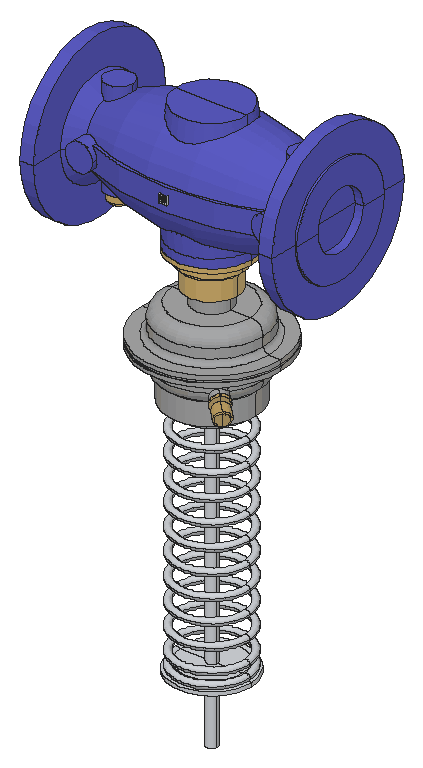
Revit family "Differenzdruckregler F_4007_10-40kPa", category Rohrzubehör, Revit 2019
Family settings
  Bemaßung runder Anschluss = Durchmesser verwenden
  Teiletyp = Unterbricht
  OmniClass-Nummer = 23.65.55.14
  OmniClass-Titel = Valves for Liquid Services
  Arbeitsebenenbasiert = Nein
  Immer vertikal = Ja
  Beim Laden mit Abzugskörper schneiden = Nein
  Gemeinsam genutzt = Nein
Parameters
  Min. Betriebstemperatur (Frostschutz) = -10 °C  # constant formula
  Min. Betriebstemperatur = 2 °C  # constant formula
  Max. Betriebsdruck = 1600000.0 Pa  # constant formula
  Max. Betriebstemperatur = 110 °C  # constant formula
  URL = "www.herz-armaturen.at"
  Sollwertfeder = "EN 10270-1-SH"  # constant formula
  SCRNSEQ = "ARM;ARM_TYP=\"DIFR\";2"
  SCRNCODE = "05;03;02"  # constant formula
  S02 [instance] = H03 + H13  # 134 mm
  S01 [instance] = (2 * H02) + (2 * H04) + H05  # 72.7 mm
  R99 = 14 mm  # constant formula
  R98 = 6 mm  # constant formula
  R97 = 2 mm  # constant formula
  R02 = 15.5 mm  # constant formula
  R01 [instance] = size_lookup("4007_F_10-40", "R1", 45.5 mm, Nennweite)  # 55.5 mm
  R00 [instance] = size_lookup("4007_F_10-40", "R", 53 mm, Nennweite)  # 65 mm
  Nennweite [instance] = 65 mm
  Membrane und O-Ringe = "EPDM"  # constant formula
  Medium = "Die Verwendung von Ethylen- und Propylenglykol ist im Mischungsverhältnis 25 - 50 % zulässig. Heizwasserqualität entsprechend ÖNORM H 5195 bzw. VDI-Richtlinie 2035"
  L05 [instance] = L04 - 6.3 mm  # 104.7 mm
  L04 [instance] = size_lookup("4007_F_10-40", "L4", 81 mm, Nennweite)  # 111 mm
  L03 = 10 mm  # constant formula
  L02 [instance] = size_lookup("4007_F_10-40", "L2", 15 mm, Nennweite)  # 15 mm
  L01 = 3 mm  # constant formula
  L00 [instance] = size_lookup("4007_F_10-40", "L", 115 mm, Nennweite)  # 145 mm
  Hersteller = "HERZ Armaturen Ges.m.b.H."  # constant formula
  H19 [instance] = size_lookup("4007_F_10-40", "H19", 9 mm, Nennweite)  # 581 mm
  H18 [instance] = H19 - 75 mm  # 506 mm
  H17 = 6 mm  # constant formula
  H16 = 10 mm  # constant formula
  H15 = 24.5 mm  # constant formula
  H14 = 5 mm  # constant formula
  H13 = 17 mm  # constant formula
  H12 [instance] = R00 + 4 mm  # 69 mm
  H11 [instance] = R00 + 10 mm  # 75 mm
  H10 = 5 mm  # constant formula
  H09 [instance] = size_lookup("4007_F_10-40", "H9", 9 mm, Nennweite)  # 9 mm
  H08 = 21 mm  # constant formula
  H07 [instance] = R00 + 23.4 mm  # 88.4 mm
  H06 [instance] = D12 + 15 mm  # 55.5 mm
  H05 = 2.5 mm  # constant formula
  H04 = 4.6 mm  # constant formula
  H03 [instance] = H08 + H09 + H10 + H11 + H14 + R97  # 117 mm
  H02 [instance] = size_lookup("4007_F_10-40", "H2", 30.5 mm, Nennweite)  # 30.5 mm
  H01 [instance] = size_lookup("4007_F_10-40", "H1", 210 mm, Nennweite)  # 205 mm
  Gehäuse = "Grauguss GJL250 nach EN 1561"  # constant formula
  Differenzdruck Einstellbereich = "10-40 kPa"  # constant formula
  DN80 [instance] = Nennweite = 80 mm  # no
  DN65 [instance] = Nennweite = 65 mm  # yes
  DN100 [instance] = Nennweite = 100 mm  # no
  D17 = 6 mm  # constant formula
  D16 = 45 mm  # constant formula
  D15 = 35 mm  # constant formula
  D14 = 50 mm  # constant formula
  D13 [instance] = D11 + 10 mm  # 50 mm
  D12 [instance] = R01 - 15 mm  # 40.5 mm
  D11 [instance] = size_lookup("4007_F_10-40", "D11", 40 mm, Nennweite)  # 40 mm
  D10 [instance] = D11 + 5 mm  # 45 mm
  D09 [instance] = D11 - 5 mm  # 35 mm
  D08 = 24 mm  # constant formula
  D07 = 29.5 mm  # constant formula
  D06 [instance] = size_lookup("4007_F_10-40", "D6", 51 mm, Nennweite)  # 57.8 mm
  D05 [instance] = D04 - 1 mm  # 77 mm
  D04 [instance] = size_lookup("4007_F_10-40", "D4", 51 mm, Nennweite)  # 78 mm
  D03 = 21 mm  # constant formula
  D02 [instance] = Nennweite / 2  # 32.5 mm
  D01 [instance] = size_lookup("4007_F_10-40", "D1", 51 mm, Nennweite)  # 61 mm
  D00 [instance] = size_lookup("4007_F_10-40", "D", 82.5 mm, Nennweite)  # 92.5 mm
  Bestellnummer [instance] = if(Nennweite = 65 mm, "F400707", if(Nennweite = 80 mm, "F400708", if(Nennweite = 100 mm, "F400709", "0")))  # "F400707"
  Ausführung = "Der Differenzdruckregler ist ein Proportionalregler in Geradsitzausführung und arbeitet ohne Hilfsenergie für Zweirohranlagen. Der gewünschte Differenzdruck- Sollwert kann zwischen 10 und 40 kPa stufenlos eingestellt werden."
  Anwendung = "Für Heizungs- und Kühlanlagen um den Differenzdruck innerhalb des regeltechnischen Bereiches konstant zu halten."
  Anschlussflansch = "EN 1092-2"  # constant formula
Reference planes
  plane 1 "Mitte (Vorne/hinten)": y = 0
  plane 2: z = -0.015
  plane 3 "Mitte (Links/rechts)": x = 0
Forms (mm)
  Revolve 1, solid, material "Herz-Marineblau", detail levels fine
    sketch origin (1065, 0, 0) x (1, 0, 0) y (0, 1, 0)
      loop
        line (-1207, 92.5) -> (-1207, 61) -> (-1210, 61) -> (-1210, 32.5) -> (-1200, 32.5) -> (-1200, 0) -> (-930, 0) -> (-930, 32.5) -> (-920, 32.5) -> (-920, 61) -> (-923, 61) -> (-923, 92.5) -> (-938, 92.5) -> (-938, 55.5) -> (-954, 40.5)
        arc (-954, 40.5) -> (-1065, 65) -> (-1176, 40.5) r 263.699
        line (-1176, 40.5) -> (-1192, 55.5) -> (-1192, 92.5) -> (-1207, 92.5)
      axis (-1210, 0) -> (-920, 0)
    angle from 0 to 360
  Extrusion 2, solid, material "Herz-Marineblau", detail levels fine
    sketch origin (0, 0, 0) x (1, 0, 0) y (0, 1, 0)
      loop
        circle (-104.7, 0) r 15.5
      loop
        circle (104.7, 0) r 15.5
    from -55.515 to 55.485
  Extrusion 3, solid, material "Herz-Marineblau", detail levels fine
    sketch origin (0, 0, 0) x (-1, 0, 0) y (0, 0, -1)
      loop
        circle (104.7, 0) r 15.5
      loop
        circle (-104.7, 0) r 15.5
    from -55.5 to 55.5
  Revolve 4, solid, material "Herz-Marineblau", detail levels fine
    sketch origin (92.737, 0, -45.97) x (1, 0, 0) y (0, 0, 1)
      loop
        line (-92.737, 114.955) -> (-92.737, -29.045) -> (-47.737, -29.045) -> (-47.737, -19.045) -> (-42.737, 45.97) -> (-52.737, 114.955) -> (-92.737, 114.955)
      axis (-92.737, 114.955) -> (-92.737, -29.045)
    angle from 0 to 360
  Revolve 5, solid, material "Messing", detail levels fine
    sketch origin (446.725, 0, 35.707) x (1, 0, 0) y (0, 0, 1)
      loop
        line (-446.725, -110.722) -> (-446.725, -152.722) -> (-417.225, -152.722) -> (-417.225, -131.722) -> (-422.725, -131.722) -> (-422.725, -126.722) -> (-411.725, -126.722) -> (-411.725, -117.722)
        arc (-411.725, -117.722) -> (-411.14, -116.308) -> (-409.725, -115.722) r 2
        line (-409.725, -115.722) -> (-401.725, -115.722) -> (-401.725, -110.722) -> (-446.725, -110.722)
      axis (-446.725, -152.722) -> (-446.725, -110.722)
    angle from 0 to 360
  Revolve 6, solid, material "Aluminium", detail levels fine
    sketch origin (925.114, 0, 19.41) x (1, 0, 0) y (0, 0, 1)
      loop
        line (-925.114, -136.425) -> (-925.114, -250.625) -> (-875.114, -250.625) -> (-875.114, -226.125) -> (-881.314, -226.125)
        arc (-881.314, -226.125) -> (-871.414, -222.025) -> (-867.314, -212.125) r 14
        line (-867.314, -212.125) -> (-867.314, -201.625)
        arc (-867.314, -201.625) -> (-865.556, -197.383) -> (-861.314, -195.625) r 6
        line (-861.314, -195.625) -> (-847.114, -195.625) -> (-847.114, -191.025) -> (-848.114, -191.025) -> (-848.114, -188.525) -> (-847.114, -188.525) -> (-847.114, -183.925) -> (-861.314, -183.925)
        arc (-861.314, -183.925) -> (-865.556, -182.168) -> (-867.314, -177.925) r 6
        line (-867.314, -177.925) -> (-867.314, -167.425)
        arc (-867.314, -167.425) -> (-871.414, -157.526) -> (-881.314, -153.425) r 14
        line (-881.314, -153.425) -> (-904.114, -153.425) -> (-904.114, -136.425) -> (-925.114, -136.425)
      axis (-925.114, -136.425) -> (-925.114, -250.625)
    angle from 0 to 360
  Extrusion 7, solid, material "Herz-Marineblau", visible <- "DN65", detail levels fine
    sketch origin (0, 0, 0) x (1, 0, 0) y (0, 1, 0)
      loop
        arc (-104.7, -46.589) -> (0, -68) -> (104.7, -46.589) r 266.699
        line (104.7, -46.589) -> (104.7, 46.589)
        arc (104.7, 46.589) -> (0, 68) -> (-104.7, 46.589) r 266.699
        line (-104.7, 46.589) -> (-104.7, -46.589)
    from -12.5 to 12.5
  Extrusion 8, solid, material "Herz-Marineblau", visible <- "DN80", detail levels fine
    sketch origin (0, 0, 0) x (1, 0, 0) y (0, 1, 0)
      loop
        arc (-114.7, -54.973) -> (0, -74) -> (114.7, -54.973) r 355.238
        line (114.7, -54.973) -> (114.7, 54.973)
        arc (114.7, 54.973) -> (0, 74) -> (-114.7, 54.973) r 355.238
        line (-114.7, 54.973) -> (-114.7, -54.973)
    from -12.5 to 12.5
  Extrusion 9, solid, material "Herz-Marineblau", visible <- "DN100", detail levels fine
    sketch origin (0, 0, 0) x (1, 0, 0) y (0, 1, 0)
      loop
        arc (-134.7, -65.632) -> (0, -85) -> (134.7, -65.632) r 478.099
        line (134.7, -65.632) -> (134.7, 65.632)
        arc (134.7, 65.632) -> (0, 85) -> (-134.7, 65.632) r 478.099
        line (-134.7, 65.632) -> (-134.7, -65.632)
    from -12.5 to 12.5
  Revolve 10, solid, detail levels fine
    sketch origin (0, 0, 0) x (1, 0, 0) y (0, 0, 1)
      loop
        line (0, -506.015) -> (45, -506.015) -> (45, -502.015) -> (35, -502.015) -> (35, -496.015) -> (0, -496.015) -> (0, -506.015)
      axis (0, -496.015) -> (0, -506.015)
    angle from 0 to 360
  Revolve 11, solid, detail levels fine
    sketch origin (0, 0, 0) x (1, 0, 0) y (0, 0, 1)
      loop
        line (0, -219.215) -> (0, -581.015) -> (6, -581.015) -> (6, -219.215) -> (0, -219.215)
      axis (0, -219.215) -> (0, -581.015)
    angle from 0 to 360
  Sweep 12, solid, visible <- "DN65", detail levels fine
    path in 3D
      loop
        arc (-39, 0, -234.715) -> (0, -39, -234.715) -> (39, 0, -234.715) r 39
        arc (39, 0, -234.715) -> (0, 39, -234.715) -> (-39, 0, -234.715) r 39
    profile origin (0, 39, -234.715) x (0, -1, 0) y (0, 0, 1)
      loop
        circle (0, 0) r 3.5
  Sweep 13, solid, visible <- "DN65", detail levels fine
    path in 3D
      loop
        arc (-39, 0, -259.715) -> (0, -39, -259.715) -> (39, 0, -259.715) r 39
        arc (39, 0, -259.715) -> (0, 39, -259.715) -> (-39, 0, -259.715) r 39
    profile origin (0, 39, -259.715) x (0, -1, 0) y (0, 0, 1)
      loop
        circle (0, 0) r 3.5
  Sweep 14, solid, visible <- "DN65", detail levels fine
    path in 3D
      loop
        arc (-39, 0, -284.715) -> (0, -39, -284.715) -> (39, 0, -284.715) r 39
        arc (39, 0, -284.715) -> (0, 39, -284.715) -> (-39, 0, -284.715) r 39
    profile origin (0, 39, -284.715) x (0, -1, 0) y (0, 0, 1)
      loop
        circle (0, 0) r 3.5
  Sweep 15, solid, visible <- "DN65", detail levels fine
    path in 3D
      loop
        arc (-39, 0, -309.715) -> (0, -39, -309.715) -> (39, 0, -309.715) r 39
        arc (39, 0, -309.715) -> (0, 39, -309.715) -> (-39, 0, -309.715) r 39
    profile origin (0, 39, -309.715) x (0, -1, 0) y (0, 0, 1)
      loop
        circle (0, 0) r 3.5
  Sweep 16, solid, visible <- "DN65", detail levels fine
    path in 3D
      loop
        arc (-39, 0, -334.715) -> (0, -39, -334.715) -> (39, 0, -334.715) r 39
        arc (39, 0, -334.715) -> (0, 39, -334.715) -> (-39, 0, -334.715) r 39
    profile origin (0, 39, -334.715) x (0, -1, 0) y (0, 0, 1)
      loop
        circle (0, 0) r 3.5
  Sweep 17, solid, visible <- "DN65", detail levels fine
    path in 3D
      loop
        arc (-39, 0, -359.715) -> (0, -39, -359.715) -> (39, 0, -359.715) r 39
        arc (39, 0, -359.715) -> (0, 39, -359.715) -> (-39, 0, -359.715) r 39
    profile origin (0, 39, -359.715) x (0, -1, 0) y (0, 0, 1)
      loop
        circle (0, 0) r 3.5
  Sweep 18, solid, visible <- "DN65", detail levels fine
    path in 3D
      loop
        arc (-39, 0, -384.715) -> (0, -39, -384.715) -> (39, 0, -384.715) r 39
        arc (39, 0, -384.715) -> (0, 39, -384.715) -> (-39, 0, -384.715) r 39
    profile origin (0, 39, -384.715) x (0, -1, 0) y (0, 0, 1)
      loop
        circle (0, 0) r 3.5
  Sweep 19, solid, visible <- "DN65", detail levels fine
    path in 3D
      loop
        arc (-39, 0, -409.715) -> (0, -39, -409.715) -> (39, 0, -409.715) r 39
        arc (39, 0, -409.715) -> (0, 39, -409.715) -> (-39, 0, -409.715) r 39
    profile origin (0, 39, -409.715) x (0, -1, 0) y (0, 0, 1)
      loop
        circle (0, 0) r 3.5
  Sweep 20, solid, visible <- "DN65", detail levels fine
    path in 3D
      loop
        arc (-39, 0, -434.715) -> (0, -39, -434.715) -> (39, 0, -434.715) r 39
        arc (39, 0, -434.715) -> (0, 39, -434.715) -> (-39, 0, -434.715) r 39
    profile origin (0, 39, -434.715) x (0, -1, 0) y (0, 0, 1)
      loop
        circle (0, 0) r 3.5
  Sweep 21, solid, visible <- "DN65", detail levels fine
    path in 3D
      loop
        arc (-39, 0, -459.715) -> (0, -39, -459.715) -> (39, 0, -459.715) r 39
        arc (39, 0, -459.715) -> (0, 39, -459.715) -> (-39, 0, -459.715) r 39
    profile origin (0, 39, -459.715) x (0, -1, 0) y (0, 0, 1)
      loop
        circle (0, 0) r 3.5
  Sweep 22, solid, visible <- "DN65", detail levels fine
    path in 3D
      loop
        arc (-39, 0, -484.715) -> (0, -39, -484.715) -> (39, 0, -484.715) r 39
        arc (39, 0, -484.715) -> (0, 39, -484.715) -> (-39, 0, -484.715) r 39
    profile origin (0, 39, -484.715) x (0, -1, 0) y (0, 0, 1)
      loop
        circle (0, 0) r 3.5
  Sweep 23, solid, visible <- "DN65", detail levels fine
    path in 3D
      loop
        arc (-39, 0, -498.715) -> (0, -39, -498.715) -> (39, 0, -498.715) r 39
        arc (39, 0, -498.715) -> (0, 39, -498.715) -> (-39, 0, -498.715) r 39
    profile origin (0, 39, -498.715) x (0, -1, 0) y (0, 0, 1)
      loop
        circle (0, 0) r 3.5
  Sweep 24, solid, visible <- "DN80", detail levels fine
    path in 3D
      loop
        arc (-39, 0, -241.715) -> (0, -39, -241.715) -> (39, 0, -241.715) r 39
        arc (39, 0, -241.715) -> (0, 39, -241.715) -> (-39, 0, -241.715) r 39
    profile origin (0, 39, -241.715) x (0, -1, 0) y (0, 0, 1)
      loop
        circle (0, 0) r 3.5
  Sweep 25, solid, visible <- "DN80", detail levels fine
    path in 3D
      loop
        arc (-39, 0, -266.715) -> (0, -39, -266.715) -> (39, 0, -266.715) r 39
        arc (39, 0, -266.715) -> (0, 39, -266.715) -> (-39, 0, -266.715) r 39
    profile origin (0, 39, -266.715) x (0, -1, 0) y (0, 0, 1)
      loop
        circle (0, 0) r 3.5
  Sweep 26, solid, visible <- "DN80", detail levels fine
    path in 3D
      loop
        arc (-39, 0, -291.715) -> (0, -39, -291.715) -> (39, 0, -291.715) r 39
        arc (39, 0, -291.715) -> (0, 39, -291.715) -> (-39, 0, -291.715) r 39
    profile origin (0, 39, -291.715) x (0, -1, 0) y (0, 0, 1)
      loop
        circle (0, 0) r 3.5
  Sweep 27, solid, visible <- "DN80", detail levels fine
    path in 3D
      loop
        arc (-39, 0, -316.715) -> (0, -39, -316.715) -> (39, 0, -316.715) r 39
        arc (39, 0, -316.715) -> (0, 39, -316.715) -> (-39, 0, -316.715) r 39
    profile origin (0, 39, -316.715) x (0, -1, 0) y (0, 0, 1)
      loop
        circle (0, 0) r 3.5
  Sweep 28, solid, visible <- "DN80", detail levels fine
    path in 3D
      loop
        arc (-39, 0, -341.715) -> (0, -39, -341.715) -> (39, 0, -341.715) r 39
        arc (39, 0, -341.715) -> (0, 39, -341.715) -> (-39, 0, -341.715) r 39
    profile origin (0, 39, -341.715) x (0, -1, 0) y (0, 0, 1)
      loop
        circle (0, 0) r 3.5
  Sweep 29, solid, visible <- "DN80", detail levels fine
    path in 3D
      loop
        arc (-39, 0, -366.715) -> (0, -39, -366.715) -> (39, 0, -366.715) r 39
        arc (39, 0, -366.715) -> (0, 39, -366.715) -> (-39, 0, -366.715) r 39
    profile origin (0, 39, -366.715) x (0, -1, 0) y (0, 0, 1)
      loop
        circle (0, 0) r 3.5
  Sweep 30, solid, visible <- "DN80", detail levels fine
    path in 3D
      loop
        arc (-39, 0, -391.715) -> (0, -39, -391.715) -> (39, 0, -391.715) r 39
        arc (39, 0, -391.715) -> (0, 39, -391.715) -> (-39, 0, -391.715) r 39
    profile origin (0, 39, -391.715) x (0, -1, 0) y (0, 0, 1)
      loop
        circle (0, 0) r 3.5
  Sweep 31, solid, visible <- "DN80", detail levels fine
    path in 3D
      loop
        arc (-39, 0, -416.715) -> (0, -39, -416.715) -> (39, 0, -416.715) r 39
        arc (39, 0, -416.715) -> (0, 39, -416.715) -> (-39, 0, -416.715) r 39
    profile origin (0, 39, -416.715) x (0, -1, 0) y (0, 0, 1)
      loop
        circle (0, 0) r 3.5
  Sweep 32, solid, visible <- "DN80", detail levels fine
    path in 3D
      loop
        arc (-39, 0, -441.715) -> (0, -39, -441.715) -> (39, 0, -441.715) r 39
        arc (39, 0, -441.715) -> (0, 39, -441.715) -> (-39, 0, -441.715) r 39
    profile origin (0, 39, -441.715) x (0, -1, 0) y (0, 0, 1)
      loop
        circle (0, 0) r 3.5
  Sweep 33, solid, visible <- "DN80", detail levels fine
    path in 3D
      loop
        arc (-39, 0, -466.715) -> (0, -39, -466.715) -> (39, 0, -466.715) r 39
        arc (39, 0, -466.715) -> (0, 39, -466.715) -> (-39, 0, -466.715) r 39
    profile origin (0, 39, -466.715) x (0, -1, 0) y (0, 0, 1)
      loop
        circle (0, 0) r 3.5
  Sweep 34, solid, visible <- "DN80", detail levels fine
    path in 3D
      loop
        arc (-39, 0, -491.715) -> (0, -39, -491.715) -> (39, 0, -491.715) r 39
        arc (39, 0, -491.715) -> (0, 39, -491.715) -> (-39, 0, -491.715) r 39
    profile origin (0, 39, -491.715) x (0, -1, 0) y (0, 0, 1)
      loop
        circle (0, 0) r 3.5
  Sweep 35, solid, visible <- "DN80", detail levels coarse+medium
    path in 3D
      loop
        arc (-39, 0, -520.215) -> (0, -39, -520.215) -> (39, 0, -520.215) r 39
        arc (39, 0, -520.215) -> (0, 39, -520.215) -> (-39, 0, -520.215) r 39
    profile origin (0, 39, -520.215) x (0, -1, 0) y (0, 0, 1)
      loop
        circle (0, 0) r 3.5
  Sweep 36, solid, visible <- "DN100", detail levels fine
    path in 3D
      loop
        arc (-39, 0, -251.715) -> (0, -39, -251.715) -> (39, 0, -251.715) r 39
        arc (39, 0, -251.715) -> (0, 39, -251.715) -> (-39, 0, -251.715) r 39
    profile origin (0, 39, -251.715) x (0, -1, 0) y (0, 0, 1)
      loop
        circle (0, 0) r 3.5
  Sweep 37, solid, visible <- "DN100", detail levels fine
    path in 3D
      loop
        arc (-39, 0, -276.715) -> (0, -39, -276.715) -> (39, 0, -276.715) r 39
        arc (39, 0, -276.715) -> (0, 39, -276.715) -> (-39, 0, -276.715) r 39
    profile origin (0, 39, -276.715) x (0, -1, 0) y (0, 0, 1)
      loop
        circle (0, 0) r 3.5
  Sweep 38, solid, visible <- "DN100", detail levels fine
    path in 3D
      loop
        arc (-39, 0, -301.715) -> (0, -39, -301.715) -> (39, 0, -301.715) r 39
        arc (39, 0, -301.715) -> (0, 39, -301.715) -> (-39, 0, -301.715) r 39
    profile origin (0, 39, -301.715) x (0, -1, 0) y (0, 0, 1)
      loop
        circle (0, 0) r 3.5
  Sweep 39, solid, visible <- "DN100", detail levels fine
    path in 3D
      loop
        arc (-39, 0, -326.715) -> (0, -39, -326.715) -> (39, 0, -326.715) r 39
        arc (39, 0, -326.715) -> (0, 39, -326.715) -> (-39, 0, -326.715) r 39
    profile origin (0, 39, -326.715) x (0, -1, 0) y (0, 0, 1)
      loop
        circle (0, 0) r 3.5
  Sweep 40, solid, visible <- "DN100", detail levels fine
    path in 3D
      loop
        arc (-39, 0, -351.715) -> (0, -39, -351.715) -> (39, 0, -351.715) r 39
        arc (39, 0, -351.715) -> (0, 39, -351.715) -> (-39, 0, -351.715) r 39
    profile origin (0, 39, -351.715) x (0, -1, 0) y (0, 0, 1)
      loop
        circle (0, 0) r 3.5
  Sweep 41, solid, visible <- "DN100", detail levels fine
    path in 3D
      loop
        arc (-39, 0, -376.715) -> (0, -39, -376.715) -> (39, 0, -376.715) r 39
        arc (39, 0, -376.715) -> (0, 39, -376.715) -> (-39, 0, -376.715) r 39
    profile origin (0, 39, -376.715) x (0, -1, 0) y (0, 0, 1)
      loop
        circle (0, 0) r 3.5
  Sweep 42, solid, visible <- "DN100", detail levels fine
    path in 3D
      loop
        arc (-39, 0, -401.715) -> (0, -39, -401.715) -> (39, 0, -401.715) r 39
        arc (39, 0, -401.715) -> (0, 39, -401.715) -> (-39, 0, -401.715) r 39
    profile origin (0, 39, -401.715) x (0, -1, 0) y (0, 0, 1)
      loop
        circle (0, 0) r 3.5
  Sweep 43, solid, visible <- "DN100", detail levels fine
    path in 3D
      loop
        arc (-39, 0, -426.715) -> (0, -39, -426.715) -> (39, 0, -426.715) r 39
        arc (39, 0, -426.715) -> (0, 39, -426.715) -> (-39, 0, -426.715) r 39
    profile origin (0, 39, -426.715) x (0, -1, 0) y (0, 0, 1)
      loop
        circle (0, 0) r 3.5
  Sweep 44, solid, visible <- "DN100", detail levels fine
    path in 3D
      loop
        arc (-39, 0, -451.715) -> (0, -39, -451.715) -> (39, 0, -451.715) r 39
        arc (39, 0, -451.715) -> (0, 39, -451.715) -> (-39, 0, -451.715) r 39
    profile origin (0, 39, -451.715) x (0, -1, 0) y (0, 0, 1)
      loop
        circle (0, 0) r 3.5
  Sweep 45, solid, visible <- "DN100", detail levels fine
    path in 3D
      loop
        arc (-39, 0, -476.715) -> (0, -39, -476.715) -> (39, 0, -476.715) r 39
        arc (39, 0, -476.715) -> (0, 39, -476.715) -> (-39, 0, -476.715) r 39
    profile origin (0, 39, -476.715) x (0, -1, 0) y (0, 0, 1)
      loop
        circle (0, 0) r 3.5
  Sweep 46, solid, visible <- "DN100", detail levels fine
    path in 3D
      loop
        arc (-39, 0, -501.715) -> (0, -39, -501.715) -> (39, 0, -501.715) r 39
        arc (39, 0, -501.715) -> (0, 39, -501.715) -> (-39, 0, -501.715) r 39
    profile origin (0, 39, -501.715) x (0, -1, 0) y (0, 0, 1)
      loop
        circle (0, 0) r 3.5
  Sweep 47, solid, visible <- "DN100", detail levels fine
    path in 3D
      loop
        arc (-39, 0, -520.215) -> (0, -39, -520.215) -> (39, 0, -520.215) r 39
        arc (39, 0, -520.215) -> (0, 39, -520.215) -> (-39, 0, -520.215) r 39
    profile origin (0, 39, -520.215) x (0, -1, 0) y (0, 0, 1)
      loop
        circle (0, 0) r 3.5
  Sweep 48, solid, visible <- "DN80", detail levels fine
    path in 3D
      loop
        arc (-39, 0, -517.715) -> (0, -39, -517.715) -> (39, 0, -517.715) r 39
        arc (39, 0, -517.715) -> (0, 39, -517.715) -> (-39, 0, -517.715) r 39
    profile origin (0, 39, -517.715) x (0, -1, 0) y (0, 0, 1)
      loop
        circle (0, 0) r 3.5
  Revolve 49, solid, material "Messing, weicher Gelbton, geschweißt", visible <- "DN65", detail levels fine
    sketch origin (-4.911, 4.911, 5.574) x (0.707107, -0.707107, 0) y (0, 0, 1)
      loop
        line (70.524, -205.006) -> (94, -209.996) -> (95.511, -202.887) -> (94.817, -201.293) -> (81.133, -198.384) -> (80.534, -201.204) -> (75.643, -200.164) -> (76.516, -196.056) -> (72.604, -195.224) -> (70.524, -205.006)
      axis (94, -209.996) -> (70.524, -205.006)
    angle from 0 to 360
  Revolve 50, solid, material "Aluminium", visible <- "DN65", detail levels fine
    sketch origin (31.152, -31.152, -5.266) x (0.707107, -0.707107, 0) y (0, 0, 1)
      loop
        line (19.524, -194.165) -> (21.5, -184.873) -> (-42.08, -171.359) -> (-44.055, -180.651) -> (19.524, -194.165)
      axis (-44.055, -180.651) -> (19.524, -194.165)
    angle from 0 to 360
  Revolve 51, solid, material "Messing, weicher Gelbton, geschweißt", visible <- "DN80", detail levels fine
    sketch origin (4.911, 4.911, -1.426) x (-0.707107, -0.707107, 0) y (0, 0, -1)
      loop
        line (70.524, 205.006) -> (72.604, 195.224) -> (76.516, 196.056) -> (75.643, 200.164) -> (80.534, 201.204) -> (81.133, 198.384) -> (94.817, 201.293) -> (95.511, 202.887) -> (94, 209.996) -> (70.524, 205.006)
      axis (94, 209.996) -> (70.524, 205.006)
    angle from 0 to 360
  Revolve 52, solid, material "Aluminium", visible <- "DN80", detail levels fine
    sketch origin (-31.152, -31.152, -12.266) x (-0.707107, -0.707107, 0) y (0, 0, -1)
      loop
        line (19.524, 194.165) -> (-44.055, 180.651) -> (-42.08, 171.359) -> (21.5, 184.873) -> (19.524, 194.165)
      axis (-44.055, 180.651) -> (19.524, 194.165)
    angle from 0 to 360
  Revolve 53, solid, material "Messing, weicher Gelbton, geschweißt", visible <- "DN100", detail levels fine
    sketch origin (4.911, 4.911, -11.426) x (-0.707107, -0.707107, 0) y (0, 0, -1)
      loop
        line (70.524, 205.006) -> (72.604, 195.224) -> (76.516, 196.056) -> (75.643, 200.164) -> (80.534, 201.204) -> (81.133, 198.384) -> (94.817, 201.293) -> (95.511, 202.887) -> (94, 209.996) -> (70.524, 205.006)
      axis (94, 209.996) -> (70.524, 205.006)
    angle from 0 to 360
  Revolve 54, solid, material "Aluminium", visible <- "DN100", detail levels fine
    sketch origin (-31.152, -31.152, -22.266) x (-0.707107, -0.707107, 0) y (0, 0, -1)
      loop
        line (19.524, 194.165) -> (-44.055, 180.651) -> (-42.08, 171.359) -> (21.5, 184.873) -> (19.524, 194.165)
      axis (-44.055, 180.651) -> (19.524, 194.165)
    angle from 0 to 360
  Revolve 55, solid, material "Messing, weicher Gelbton, geschweißt", detail levels fine
    sketch origin (0, 0, 0) x (1, 0, 0) y (0, 0, 1)
      loop
        line (-104.7, -55.515) -> (-116.7, -55.515) -> (-116.7, -64.515) -> (-113.7, -64.515) -> (-113.7, -68.015) -> (-104.7, -68.015) -> (-104.7, -55.515)
      axis (-104.7, -68.015) -> (-104.7, -55.515)
    angle from 0 to 360
  Revolve 56, solid, material "Messing, weicher Gelbton, geschweißt", detail levels fine
    sketch origin (0, 0, 0) x (-1, 0, 0) y (0, 0, 1)
      loop
        line (-104.7, -55.515) -> (-116.7, -55.515) -> (-116.7, -64.515) -> (-113.7, -64.515) -> (-113.7, -68.015) -> (-104.7, -68.015) -> (-104.7, -55.515)
      axis (-104.7, -68.015) -> (-104.7, -55.515)
    angle from 0 to 360
Lines and regions (mm)
  model lines, detail levels coarse+medium
    curve 1: line (-145, 0, -92.515) -> (-145, 0, 92.485)
    curve 2: line (-145, 0, 92.485) -> (145, 0, -92.515)
    curve 3: line (145, 0, -92.515) -> (145, 0, 92.485)
    curve 4: line (145, 0, 92.485) -> (-145, 0, -92.515)
    curve 5: line (-72.5, 0, -46.265) -> (0, 0, -92.515)
    curve 6: line (0, 0, -92.515) -> (72.5, 0, -46.265)
    curve 7: spline (-78, 0, -170.365) -> (-75.342, 0, -160.957) -> (-67.55, 0, -152.19) -> (-55.154, 0, -144.662) -> (-39, 0, -138.885) -> (-20.188, 0, -135.254) -> (0, 0, -134.015) -> (20.188, 0, -135.254) -> (39, 0, -138.885) -> (55.154, 0, -144.662) -> (67.55, 0, -152.19) -> (75.342, 0, -160.957) -> (78, 0, -170.365) -> (75.342, 0, -179.773) -> (67.55, 0, -188.54) -> (55.154, 0, -196.069) -> (39, 0, -201.845) -> (20.188, 0, -205.477) -> (0, 0, -206.715) -> (-20.188, 0, -205.477) -> (-39, 0, -201.845) -> (-55.154, 0, -196.069) -> (-67.55, 0, -188.54) -> (-75.342, 0, -179.773) -> (-78, 0, -170.365)
    curve 8: line (0, 0, -92.515) -> (0, 0, -134.015)
    curve 9: line (-145, 92.5, 0) -> (-145, -92.5, 0)
    curve 10: line (-145, -92.5, 0) -> (145, 92.5, 0)
    curve 11: line (145, 92.5, 0) -> (145, -92.5, 0)
    curve 12: line (145, -92.5, 0) -> (-145, 92.5, 0)
    curve 13: line (-72.5, -46.25, 0) -> (0, -92.5, 0)
    curve 14: line (0, -92.5, 0) -> (72.5, -46.25, 0)
    curve 15: line (0, -92.5, 0) -> (0, -134, 0)
    curve 16: spline (-78, -170.35, 0) -> (-75.342, -160.942, 0) -> (-67.55, -152.175, 0) -> (-55.154, -144.647, 0) -> (-39, -138.87, 0) -> (-20.188, -135.239, 0) -> (0, -134, 0) -> (20.188, -135.239, 0) -> (39, -138.87, 0) -> (55.154, -144.647, 0) -> (67.55, -152.175, 0) -> (75.342, -160.942, 0) -> (78, -170.35, 0) -> (75.342, -179.758, 0) -> (67.55, -188.525, 0) -> (55.154, -196.053, 0) -> (39, -201.83, 0) -> (20.188, -205.461, 0) -> (0, -206.7, 0) -> (-20.188, -205.461, 0) -> (-39, -201.83, 0) -> (-55.154, -196.053, 0) -> (-67.55, -188.525, 0) -> (-75.342, -179.758, 0) -> (-78, -170.35, 0)
  sketch lines
    curve 17: circle (0, 0, -234.715) r 39 normal (0, 0, 1)
    curve 18: circle (0, 0, -259.715) r 39 normal (0, 0, 1)
    curve 19: circle (0, 0, -284.715) r 39 normal (0, 0, 1)
    curve 20: circle (0, 0, -309.715) r 39 normal (0, 0, 1)
    curve 21: circle (0, 0, -334.715) r 39 normal (0, 0, 1)
    curve 22: circle (0, 0, -359.715) r 39 normal (0, 0, 1)
    curve 23: circle (0, 0, -384.715) r 39 normal (0, 0, 1)
    curve 24: circle (0, 0, -409.715) r 39 normal (0, 0, 1)
    curve 25: circle (0, 0, -434.715) r 39 normal (0, 0, 1)
    curve 26: circle (0, 0, -459.715) r 39 normal (0, 0, 1)
    curve 27: circle (0, 0, -484.715) r 39 normal (0, 0, 1)
    curve 29: circle (0, 0, -498.715) r 39 normal (0, 0, 1)
    curve 30: circle (0, 0, -241.715) r 39 normal (0, 0, 1)
    curve 31: circle (0, 0, -266.715) r 39 normal (0, 0, 1)
    curve 32: circle (0, 0, -291.715) r 39 normal (0, 0, 1)
    curve 33: circle (0, 0, -316.715) r 39 normal (0, 0, 1)
    curve 34: circle (0, 0, -341.715) r 39 normal (0, 0, 1)
    curve 35: circle (0, 0, -366.715) r 39 normal (0, 0, 1)
    curve 36: circle (0, 0, -391.715) r 39 normal (0, 0, 1)
    curve 37: circle (0, 0, -416.715) r 39 normal (0, 0, 1)
    curve 38: circle (0, 0, -441.715) r 39 normal (0, 0, 1)
    curve 39: circle (0, 0, -466.715) r 39 normal (0, 0, 1)
    curve 40: circle (0, 0, -491.715) r 39 normal (0, 0, 1)
    curve 41: circle (0, 0, -520.215) r 39 normal (0, 0, 1)
    curve 43: circle (0, 0, -251.715) r 39 normal (0, 0, 1)
    curve 44: circle (0, 0, -276.715) r 39 normal (0, 0, 1)
    curve 45: circle (0, 0, -301.715) r 39 normal (0, 0, 1)
    curve 46: circle (0, 0, -326.715) r 39 normal (0, 0, 1)
    curve 47: circle (0, 0, -351.715) r 39 normal (0, 0, 1)
    curve 48: circle (0, 0, -376.715) r 39 normal (0, 0, 1)
    curve 49: circle (0, 0, -401.715) r 39 normal (0, 0, 1)
    curve 50: circle (0, 0, -426.715) r 39 normal (0, 0, 1)
    curve 51: circle (0, 0, -451.715) r 39 normal (0, 0, 1)
    curve 52: circle (0, 0, -476.715) r 39 normal (0, 0, 1)
    curve 53: circle (0, 0, -501.715) r 39 normal (0, 0, 1)
    curve 54: circle (0, 0, -520.215) r 39 normal (0, 0, 1)
    curve 56: circle (0, 0, -517.715) r 39 normal (0, 0, 1)
  model lines, visible <- "DN65", detail levels coarse+medium
    curve 28: line (-39, 0, -231.215) -> (39, 0, -231.215)
  model lines, visible <- "DN80", detail levels fine
    curve 42: line (-39, 0, -238.215) -> (39, 0, -238.215)
  model lines, visible <- "DN100", detail levels fine
    curve 55: line (-39, 0, -248.215) -> (39, 0, -248.215)
Dimensions and locks
  "H06": Extrusion 3 to plane 1 "Mitte (Vorne/hinten)" to Extrusion 3  (x2)
  "L02": Revolve 1 sketch curve to Revolve 1 sketch curve  (x2)
  "L01": Revolve 1 sketch curve to Revolve 1 sketch curve  (x2)
  "L00": Revolve 1 sketch curve to plane 3 "Mitte (Links/rechts)" to Revolve 1 sketch curve
  "L03": Revolve 1 sketch curve to Revolve 1 sketch curve  (x2)
  "D02": plane 1 "Mitte (Vorne/hinten)" to Revolve 1 sketch curve  (x2)
  "L04": plane 3 "Mitte (Links/rechts)" to Revolve 1 sketch curve
  "R01": plane 1 "Mitte (Vorne/hinten)" to Revolve 1 sketch curve
  "D01": plane 1 "Mitte (Vorne/hinten)" to Revolve 1 sketch curve  (x2)
  "D00": plane 1 "Mitte (Vorne/hinten)" to Revolve 1 sketch curve  (x2)
  "H06": Extrusion 2 to plane 2 to Extrusion 2  (x2)
  "L04": Revolve 1 sketch curve to plane 3 "Mitte (Links/rechts)"
  "R00": Revolve 1 sketch curve to Revolve 1 sketch curve
  "R01": Revolve 1 sketch curve to Revolve 1 sketch curve
  "D05": Revolve 6 sketch curve to Revolve 6 sketch curve
  "D04": Revolve 6 sketch curve to Revolve 6 sketch curve  (x2)
  "H04": Revolve 6 sketch curve to Revolve 6 sketch curve  (x2)
  "H05": Revolve 6 sketch curve to Revolve 6 sketch curve
  "H02": Revolve 6 sketch curve to Revolve 6 sketch curve  (x2)
  "H03": plane 2 to Revolve 6 sketch curve
  "D06": Revolve 6 sketch curve to Revolve 6 sketch curve
  "D03": Revolve 6 sketch curve to Revolve 6 sketch curve
  "D07": Revolve 5 sketch curve to Revolve 5 sketch curve
  "D08": Revolve 5 sketch curve to Revolve 5 sketch curve
  "H08": Revolve 5 sketch curve to Revolve 5 sketch curve
  "D09": Revolve 5 sketch curve to Revolve 5 sketch curve
  "D10": Revolve 5 sketch curve to Revolve 5 sketch curve
  "H10": Revolve 5 sketch curve to Revolve 5 sketch curve
  "H11": plane 2 to Revolve 4 sketch curve
  "H11": plane 2 to Revolve 5 sketch curve
  "D10": Revolve 4 sketch curve to Revolve 4 sketch curve
  "H12": Revolve 4 sketch curve to plane 2
  "L05": Extrusion 2 sketch curve to plane 3 "Mitte (Links/rechts)"
  "L05": plane 3 "Mitte (Links/rechts)" to Extrusion 2 sketch curve
  "L05": plane 3 "Mitte (Links/rechts)" to Extrusion 3 sketch curve
  "L05": Extrusion 3 sketch curve to plane 3 "Mitte (Links/rechts)"
  "D12": Revolve 1 sketch curve to Revolve 1 sketch curve  (x2)
  "D06": plane 3 "Mitte (Links/rechts)" to Revolve 6 sketch curve
  "R00": plane 2 to Revolve 4 sketch curve
  "D11": Revolve 4 sketch curve to Revolve 4 sketch curve
  "D13": Revolve 4 sketch curve to Revolve 4 sketch curve
  "H13": Revolve 6 sketch curve to Revolve 6 sketch curve
  "H14": Revolve 5 sketch curve to Revolve 5 sketch curve
  "H09": Revolve 5 sketch curve to Revolve 5 sketch curve
  "H03": plane 2 to Revolve 5 sketch curve
  "D14": Revolve 6 sketch curve to plane 3 "Mitte (Links/rechts)"
  "H15": Revolve 6 sketch curve to Revolve 6 sketch curve
  "H16": Revolve 10 sketch curve to Revolve 10 sketch curve
  "D15": Revolve 10 sketch curve to Revolve 10 sketch curve
  "D16": Revolve 10 sketch curve to Revolve 10 sketch curve
  "H17": Revolve 10 sketch curve to Revolve 10 sketch curve
  "D17": Revolve 11 sketch curve to Revolve 11 sketch curve
  "L00": curve 3 to plane 3 "Mitte (Links/rechts)" to curve 1
  "D00": curve 2 to plane 2 to curve 4
  "D00": curve 4 to plane 2 to curve 3
  equal spacing: plane 3 "Mitte (Links/rechts)", curve 5, curve 4
  equal spacing: curve 3, curve 6, plane 3 "Mitte (Links/rechts)"
  "D00": plane 2 to curve 6
  "D04": plane 3 "Mitte (Links/rechts)" to curve 7
  "S01": curve 7 to curve 7
  "S02": plane 2 to curve 8
  "S02": plane 2 to curve 7
  "L00": curve 9 to plane 3 "Mitte (Links/rechts)" to curve 11
  "D00": curve 10 to plane 1 "Mitte (Vorne/hinten)" to curve 12
  "D00": curve 12 to plane 1 "Mitte (Vorne/hinten)" to curve 11
  equal spacing: plane 3 "Mitte (Links/rechts)", curve 13, curve 10
  equal spacing: plane 3 "Mitte (Links/rechts)", curve 14, curve 12
  "D00": curve 14 to plane 1 "Mitte (Vorne/hinten)"
  "S02": curve 15 to plane 1 "Mitte (Vorne/hinten)"
  "S01": curve 16 to curve 16
  "D04": curve 16 to plane 3 "Mitte (Links/rechts)"
  "S02": curve 16 to plane 1 "Mitte (Vorne/hinten)"
  "H19": plane 2 to Revolve 11 sketch curve
  "H18": plane 2 to Revolve 10 sketch curve
  "H06": plane 2 to Revolve 55 sketch curve
  Revolve 55 sketch curve to Revolve 55 sketch curve = 9 mm  (x2)
  Revolve 55 sketch curve to Revolve 55 sketch curve = 12.5 mm
  Revolve 55 sketch curve to Revolve 55 sketch curve = 12 mm
  "L05": plane 3 "Mitte (Links/rechts)" to Revolve 55 sketch curve
  Revolve 56 sketch curve to Revolve 56 sketch curve = 9 mm  (x2)
  Revolve 56 sketch curve to Revolve 56 sketch curve = 12.5 mm
  Revolve 56 sketch curve to Revolve 56 sketch curve = 12 mm
  "H06": plane 2 to Revolve 56 sketch curve
  "L05": Revolve 56 sketch curve to plane 3 "Mitte (Links/rechts)"
  "R99": radius of Revolve 6 sketch curve  (x2)
  "R98": radius of Revolve 6 sketch curve  (x2)
  "R02": radius of Extrusion 2 sketch curve  (x2)
  "R02": radius of Extrusion 3 sketch curve  (x2)
  "R97": radius of Revolve 5 sketch curve
  aligned and locked: level to plane 2
Automatic sketch dimensions
  Extrusion 7 sketch curve to plane 3 "Mitte (Links/rechts)" = 0 mm  (x2)
  plane 1 "Mitte (Vorne/hinten)" to Extrusion 7 sketch curve = 46.589 mm
  Extrusion 7 sketch curve to plane 3 "Mitte (Links/rechts)" = 104.7 mm
  Extrusion 7 sketch curve to plane 1 "Mitte (Vorne/hinten)" = 46.589 mm
  plane 3 "Mitte (Links/rechts)" to Extrusion 7 sketch curve = 104.7 mm
  Extrusion 7 sketch curve to Extrusion 7 sketch curve = 152.11 mm  (x2)
  Extrusion 8 sketch curve to plane 3 "Mitte (Links/rechts)" = 0 mm  (x2)
  plane 1 "Mitte (Vorne/hinten)" to Extrusion 8 sketch curve = 54.973 mm
  Extrusion 8 sketch curve to plane 3 "Mitte (Links/rechts)" = 114.7 mm
  Extrusion 8 sketch curve to plane 1 "Mitte (Vorne/hinten)" = 54.973 mm
  plane 3 "Mitte (Links/rechts)" to Extrusion 8 sketch curve = 114.7 mm
  Extrusion 8 sketch curve to Extrusion 8 sketch curve = 226.265 mm  (x2)
  Extrusion 9 sketch curve to plane 3 "Mitte (Links/rechts)" = 0 mm  (x2)
  plane 1 "Mitte (Vorne/hinten)" to Extrusion 9 sketch curve = 65.632 mm
  Extrusion 9 sketch curve to plane 3 "Mitte (Links/rechts)" = 134.7 mm
  Extrusion 9 sketch curve to plane 1 "Mitte (Vorne/hinten)" = 65.632 mm
  plane 3 "Mitte (Links/rechts)" to Extrusion 9 sketch curve = 134.7 mm
  Extrusion 9 sketch curve to Extrusion 9 sketch curve = 327.466 mm  (x2)
  curve 55 to plane 3 "Mitte (Links/rechts)" = 39 mm
  curve 55 to plane 2 = 248.2 mm
  curve 42 to curve 55 = 0 mm  (x2)
  curve 28 to curve 42 = 0 mm  (x2)
  plane 3 "Mitte (Links/rechts)" to curve 42 = 39 mm
  curve 55 to curve 42 = 10 mm
  curve 42 to curve 28 = 7 mm
  Sweep 12 sketch curve to profile plane = 0 mm  (x2)
  Sweep 13 sketch curve to profile plane = 0 mm  (x2)
  Sweep 14 sketch curve to profile plane = 0 mm  (x2)
  Sweep 15 sketch curve to profile plane = 0 mm  (x2)
  Sweep 16 sketch curve to profile plane = 0 mm  (x2)
  Sweep 17 sketch curve to profile plane = 0 mm  (x2)
  Sweep 18 sketch curve to profile plane = 0 mm  (x2)
  Sweep 19 sketch curve to profile plane = 0 mm  (x2)
  Sweep 20 sketch curve to profile plane = 0 mm  (x2)
  Sweep 21 sketch curve to profile plane = 0 mm  (x2)
  Sweep 22 sketch curve to profile plane = 0 mm  (x2)
  Sweep 23 sketch curve to profile plane = 0 mm  (x2)
  Sweep 24 sketch curve to profile plane = 0 mm  (x2)
  Sweep 25 sketch curve to profile plane = 0 mm  (x2)
  Sweep 26 sketch curve to profile plane = 0 mm  (x2)
  Sweep 27 sketch curve to profile plane = 0 mm  (x2)
  Sweep 28 sketch curve to profile plane = 0 mm  (x2)
  Sweep 29 sketch curve to profile plane = 0 mm  (x2)
  Sweep 30 sketch curve to profile plane = 0 mm  (x2)
  Sweep 31 sketch curve to profile plane = 0 mm  (x2)
  Sweep 32 sketch curve to profile plane = 0 mm  (x2)
  Sweep 33 sketch curve to profile plane = 0 mm  (x2)
  Sweep 34 sketch curve to profile plane = 0 mm  (x2)
  Sweep 35 sketch curve to profile plane = 0 mm  (x2)
  Sweep 36 sketch curve to profile plane = 0 mm  (x2)
  Sweep 37 sketch curve to profile plane = 0 mm  (x2)
  Sweep 38 sketch curve to profile plane = 0 mm  (x2)
  Sweep 39 sketch curve to profile plane = 0 mm  (x2)
  Sweep 40 sketch curve to profile plane = 0 mm  (x2)
  Sweep 41 sketch curve to profile plane = 0 mm  (x2)
  Sweep 42 sketch curve to profile plane = 0 mm  (x2)
  Sweep 43 sketch curve to profile plane = 0 mm  (x2)
  Sweep 44 sketch curve to profile plane = 0 mm  (x2)
  Sweep 45 sketch curve to profile plane = 0 mm  (x2)
  Sweep 46 sketch curve to profile plane = 0 mm  (x2)
  Sweep 47 sketch curve to profile plane = 0 mm  (x2)
  Sweep 48 sketch curve to profile plane = 0 mm  (x2)
  Revolve 49 sketch curve to plane 2 = 199.416 mm
  Revolve 49 sketch curve to plane 2 = 189.635 mm
  Revolve 49 sketch curve to Revolve 49 sketch curve = 2.079 mm
  Revolve 49 sketch curve to plane 2 = 194.575 mm
  Revolve 49 sketch curve to Revolve 49 sketch curve = 3.039 mm
  Revolve 49 sketch curve to plane 2 = 195.614 mm
  Revolve 49 sketch curve to plane 2 = 192.795 mm
  Revolve 49 sketch curve to plane 2 = 204.406 mm
  Revolve 49 sketch curve to plane 2 = 195.704 mm
  Revolve 49 sketch curve to plane 2 = 197.297 mm
  Revolve 49 sketch curve to plane 2 = 199.419 mm
  Revolve 49 sketch curve to Revolve 49 sketch curve = 0.015 mm
  Revolve 49 sketch curve to plane 2 = 201.733 mm
  Revolve 49 sketch curve to Revolve 49 sketch curve = 0.89 mm
  Revolve 50 sketch curve to plane 2 = 185.902 mm
  Revolve 50 sketch curve to plane 2 = 176.61 mm
  Revolve 50 sketch curve to Revolve 50 sketch curve = 1.975 mm
  Revolve 50 sketch curve to plane 2 = 199.416 mm
  Revolve 50 sketch curve to plane 2 = 195.266 mm
  Revolve 50 sketch curve to Revolve 50 sketch curve = 19.524 mm
  Revolve 50 sketch curve to plane 2 = 210.257 mm
  Revolve 50 sketch curve to Revolve 50 sketch curve = 51 mm
  Revolve 51 sketch curve to plane 2 = 206.416 mm
  Revolve 51 sketch curve to plane 2 = 196.635 mm
  Revolve 51 sketch curve to Revolve 51 sketch curve = 2.079 mm
  Revolve 51 sketch curve to plane 2 = 201.575 mm
  Revolve 51 sketch curve to Revolve 51 sketch curve = 3.039 mm
  Revolve 51 sketch curve to plane 2 = 202.614 mm
  Revolve 51 sketch curve to plane 2 = 199.795 mm
  Revolve 51 sketch curve to plane 2 = 211.406 mm
  Revolve 51 sketch curve to plane 2 = 202.704 mm
  Revolve 51 sketch curve to plane 2 = 204.297 mm
  Revolve 51 sketch curve to plane 2 = 206.419 mm
  Revolve 51 sketch curve to Revolve 51 sketch curve = 0.015 mm
  Revolve 51 sketch curve to plane 2 = 208.733 mm
  Revolve 51 sketch curve to Revolve 51 sketch curve = 0.89 mm
  Revolve 52 sketch curve to plane 2 = 192.902 mm
  Revolve 52 sketch curve to plane 2 = 183.61 mm
  Revolve 52 sketch curve to Revolve 52 sketch curve = 1.975 mm
  Revolve 52 sketch curve to plane 2 = 206.416 mm
  Revolve 52 sketch curve to plane 2 = 202.266 mm
  Revolve 52 sketch curve to Revolve 52 sketch curve = 19.524 mm
  Revolve 52 sketch curve to plane 2 = 217.257 mm
  Revolve 52 sketch curve to Revolve 52 sketch curve = 51 mm
  Revolve 53 sketch curve to plane 2 = 216.416 mm
  Revolve 53 sketch curve to plane 2 = 206.635 mm
  Revolve 53 sketch curve to Revolve 53 sketch curve = 2.079 mm
  Revolve 53 sketch curve to plane 2 = 211.575 mm
  Revolve 53 sketch curve to Revolve 53 sketch curve = 3.039 mm
  Revolve 53 sketch curve to plane 2 = 212.614 mm
  Revolve 53 sketch curve to plane 2 = 209.795 mm
  Revolve 53 sketch curve to plane 2 = 221.406 mm
  Revolve 53 sketch curve to plane 2 = 212.704 mm
  Revolve 53 sketch curve to plane 2 = 214.297 mm
  Revolve 53 sketch curve to plane 2 = 216.419 mm
  Revolve 53 sketch curve to Revolve 53 sketch curve = 0.015 mm
  Revolve 53 sketch curve to plane 2 = 218.733 mm
  Revolve 53 sketch curve to Revolve 53 sketch curve = 0.89 mm
  Revolve 54 sketch curve to plane 2 = 202.902 mm
  Revolve 54 sketch curve to plane 2 = 193.61 mm
  Revolve 54 sketch curve to Revolve 54 sketch curve = 1.975 mm
  Revolve 54 sketch curve to plane 2 = 216.416 mm
  Revolve 54 sketch curve to plane 2 = 212.266 mm
  Revolve 54 sketch curve to Revolve 54 sketch curve = 19.524 mm
  Revolve 54 sketch curve to plane 2 = 227.257 mm
  Revolve 54 sketch curve to Revolve 54 sketch curve = 51 mm
  curve 8 to plane 3 "Mitte (Links/rechts)" = 0 mm
  curve 7 to plane 3 "Mitte (Links/rechts)" = 0 mm
  curve 16 to plane 3 "Mitte (Links/rechts)" = 0 mm
  curve 15 to plane 3 "Mitte (Links/rechts)" = 0 mm
  plane 1 "Mitte (Vorne/hinten)" to Revolve 1 sketch curve = 0 mm  (x2)
  Revolve 1 sketch curve to Revolve 1 sketch curve = 35 mm
  Revolve 1 sketch curve to Revolve 1 sketch curve = 40 mm
  plane 1 "Mitte (Vorne/hinten)" to Extrusion 2 sketch curve = 0 mm  (x2)
  Extrusion 3 sketch curve to level = 0 mm  (x2)
  Revolve 4 sketch curve to plane 3 "Mitte (Links/rechts)" = 0 mm  (x2)
  Revolve 4 sketch curve to level = 0 mm
  Revolve 4 sketch curve to plane 2 = 25.895 mm
  level to Revolve 4 sketch curve = 24.09 mm
  Revolve 5 sketch curve to plane 3 "Mitte (Links/rechts)" = 0 mm  (x2)
  Revolve 5 sketch curve to Revolve 5 sketch curve = 8.988 mm
  Revolve 5 sketch curve to Revolve 5 sketch curve = 0 mm
  Revolve 6 sketch curve to plane 3 "Mitte (Links/rechts)" = 0 mm  (x2)
  Revolve 6 sketch curve to Revolve 6 sketch curve = 0 mm
  Revolve 6 sketch curve to Revolve 6 sketch curve = 9.421 mm
  plane 3 "Mitte (Links/rechts)" to Revolve 10 sketch curve = 0 mm
  Revolve 10 sketch curve to plane 3 "Mitte (Links/rechts)" = 0 mm
  Revolve 10 sketch curve to Revolve 10 sketch curve = 168.671 mm
  level to Revolve 10 sketch curve = 2214.315 mm
  Revolve 11 sketch curve to plane 3 "Mitte (Links/rechts)" = 0 mm  (x2)
  Revolve 11 sketch curve to plane 2 = 219.2 mm
  Revolve 11 sketch curve to Revolve 11 sketch curve = 17.86 mm
  level to Revolve 11 sketch curve = 2214.315 mm
  Revolve 55 sketch curve to Revolve 55 sketch curve = 0 mm  (x3)
  Revolve 56 sketch curve to Revolve 56 sketch curve = 0 mm  (x3)
  radius of Sweep 12 sketch curve = 3.5 mm
  radius of Sweep 13 sketch curve = 3.5 mm
  radius of Sweep 14 sketch curve = 3.5 mm
  radius of Sweep 15 sketch curve = 3.5 mm
  radius of Sweep 16 sketch curve = 3.5 mm
  radius of Sweep 17 sketch curve = 3.5 mm
  radius of Sweep 18 sketch curve = 3.5 mm
  radius of Sweep 19 sketch curve = 3.5 mm
  radius of Sweep 20 sketch curve = 3.5 mm
  radius of Sweep 21 sketch curve = 3.5 mm
  radius of Sweep 22 sketch curve = 3.5 mm
  radius of Sweep 23 sketch curve = 3.5 mm
  radius of Sweep 24 sketch curve = 3.5 mm
  radius of Sweep 25 sketch curve = 3.5 mm
  radius of Sweep 26 sketch curve = 3.5 mm
  radius of Sweep 27 sketch curve = 3.5 mm
  radius of Sweep 28 sketch curve = 3.5 mm
  radius of Sweep 29 sketch curve = 3.5 mm
  radius of Sweep 30 sketch curve = 3.5 mm
  radius of Sweep 31 sketch curve = 3.5 mm
  radius of Sweep 32 sketch curve = 3.5 mm
  radius of Sweep 33 sketch curve = 3.5 mm
  radius of Sweep 34 sketch curve = 3.5 mm
  radius of Sweep 35 sketch curve = 3.5 mm
  radius of Sweep 36 sketch curve = 3.5 mm
  radius of Sweep 37 sketch curve = 3.5 mm
  radius of Sweep 38 sketch curve = 3.5 mm
  radius of Sweep 39 sketch curve = 3.5 mm
  radius of Sweep 40 sketch curve = 3.5 mm
  radius of Sweep 41 sketch curve = 3.5 mm
  radius of Sweep 42 sketch curve = 3.5 mm
  radius of Sweep 43 sketch curve = 3.5 mm
  radius of Sweep 44 sketch curve = 3.5 mm
  radius of Sweep 45 sketch curve = 3.5 mm
  radius of Sweep 46 sketch curve = 3.5 mm
  radius of Sweep 47 sketch curve = 3.5 mm
  radius of Sweep 48 sketch curve = 3.5 mm
Nested families
  nested 1: "Herz-Logo-vorne" at (-0.018, -67.982, 0) x (0, 1, 0) z (0, 0, 1), visible <- "DN65", type "Herz-Logo-vorne", detail levels fine
  nested 2: "Herz-Logo-vorne" at (-0.018, -73.982, 0) x (0, 1, 0) z (0, 0, 1), visible <- "DN80", type "Herz-Logo-vorne", detail levels fine
  nested 3: "Herz-Logo-vorne" at (-0.018, -84.982, 0) x (0, 1, 0) z (0, 0, 1), visible <- "DN100", type "Herz-Logo-vorne", detail levels fine
Connectors
  piping at (-145, 0, 0), diameter 65, driven by "Nennweite"
    settings: on Revolve 1, index 1, connector inside diameter 609.6 mm, connector length 0 mm, flow factor 0, pipe flow 0.0 L/s, pressure drop 0.0 Pa, fitting loss kfactor 0, connector angle 0.00°, fixture units 0, engagement length 0 mm, angle of deflection 0.00°, flow configuration 0, flow direction 2, fitting loss method 0, system type 29, joint type 0, gender type 0, connector reference index -1, connector utility 0, adjustable connector no, is connector primary yes, connector description ""
  piping at (145, 0, 0), diameter 65, driven by "Nennweite"
    settings: on Revolve 1, index 2, connector inside diameter 609.6 mm, connector length 0 mm, flow factor 0, pipe flow 0.0 L/s, pressure drop 0.0 Pa, fitting loss kfactor 0, connector angle 0.00°, fixture units 0, engagement length 0 mm, angle of deflection 0.00°, flow configuration 0, flow direction 1, fitting loss method 0, system type 29, joint type 0, gender type 0, connector reference index -1, connector utility 0, adjustable connector no, is connector primary no, connector description ""
Definition of nested family "Herz-Logo-vorne"
  Reference planes
    plane 1 "Mitte (Vorne/hinten)": y = 0
    plane 2: z = 0
    plane 3 "Mitte (Links/rechts)": x = 0
  Forms (mm)
    Extrusion 1, solid
      sketch origin (0.732, -0.018, 0.017) x (0, -1, 0) y (0, 0, 1)
        loop
          line (-0.018, -4.517) -> (4.482, -4.517) -> (4.482, 4.483) -> (-4.518, 4.483) -> (-4.518, -4.517) -> (-0.018, -4.517)
        loop
          line (-0.05, -3.48) -> (3.482, -3.48) -> (3.482, 3.483) -> (-3.518, 3.483) -> (-3.518, -3.48) -> (-0.05, -3.48)
        loop
          arc (-0.018, 2.383) -> (-1.543, 3.287) -> (-3.067, 2.383) r 1.738
          arc (-3.067, 2.383) -> (-3.191, 1.899) -> (-3.067, 1.415) r 1.009
          line (-3.067, 1.415) -> (-0.018, -3.281) -> (3.032, 1.415)
          arc (3.032, 1.415) -> (3.156, 1.899) -> (3.032, 2.383) r 1.009
          arc (3.032, 2.383) -> (1.507, 3.287) -> (-0.018, 2.383) r 1.738
        loop
          arc (1.885, 1.272) -> (2.005, 1.675) -> (1.885, 2.079) r 0.74
          arc (1.885, 2.079) -> (1.265, 2.416) -> (0.644, 2.079) r 0.74
          line (0.644, 2.079) -> (-0.018, 0.97) -> (-0.679, 2.079)
          arc (-0.679, 2.079) -> (-1.3, 2.416) -> (-1.921, 2.079) r 0.74
          arc (-1.921, 2.079) -> (-2.04, 1.675) -> (-1.921, 1.272) r 0.74
          line (-1.921, 1.272) -> (-0.018, -1.658) -> (1.885, 1.272)
      from 0 to 1.5
  Dimensions and locks
    aligned and locked: level to plane 2
